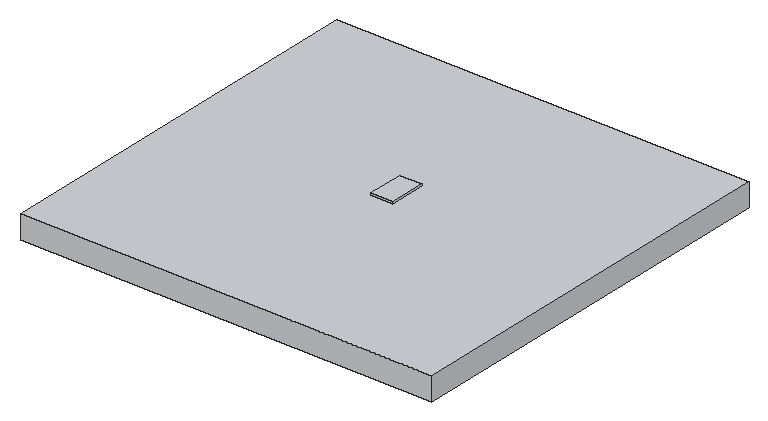
Revit family "16cc23d1e02e4093a1dd52c958690dbf", category Aparatos eléctricos, Revit 2026
Family settings
  Anfitrión = Cara
  Cota de conector redondo = Usar diámetro
  Tipo de pieza = Normal
  ID de elemento Seek = Duplex Receptacle-0000-CAN-ENU
  Corte con vacíos al cargar = No
  Mantener orientación de anotación = Sí
  Compartido = No
  Punto de cálculo de habitación = No
Parameters (values of type "GFCI")
  Voltaje de interruptor = 120 V
  Clasificación de carga = Toma de corriente
  Carga = 180 VA
  Texto de etiqueta = "GFCI"
  Elevación por defecto = 1200 mm
Types (2, lengths in mm): name | Texto de etiqueta | Elevación por defecto
  GFCI | "GFCI" | 1200
  Estándar | "" | 460
Reference planes
  plane 1 "Centro (Frontal/Posterior)": y = 0
  plane 2: z = 0
  plane 3 "Centro (Izquierda/Derecha)": x = 0
  plane 4: x = -34.925
  plane 5: x = 34.925
  plane 6: x = -19.05
  plane 7: x = 19.05
  plane 8: y = 57.15
  plane 9: y = -57.15
  plane 10: y = 38.1
  plane 11: y = -38.1
  plane 12 "nivel superior": z = 4.762
  plane 13 "nivel inferior": z = -53.975
Forms (mm)
  Extrusion 1, solid
    sketch origin (0, 0, 0) x (1, 0, 0) y (0, 1, 0)
      loop
        line (-644.525, 571.5) -> (-644.525, -666.75) -> (644.525, -666.75) -> (644.525, 571.5) -> (-644.525, 571.5)
    from 0 to -72.672
  Extrusion 2, solid
    sketch origin (0, 0, 0) x (1, 0, 0) y (0, 1, 0)
      loop
        line (-34.925, 57.15) -> (-34.925, -57.15) -> (34.925, -57.15) -> (34.925, 57.15) -> (-34.925, 57.15)
    from 0 to 4.762
  Extrusion 3, solid
    sketch origin (0, 0, 0) x (1, 0, 0) y (0, 1, 0)
      loop
        line (-19.05, 38.1) -> (-19.05, -38.1) -> (19.05, -38.1) -> (19.05, 38.1) -> (-19.05, 38.1)
    from 0 to -53.975
Lines and regions (mm)
  symbolic lines, detail levels fine
    curve 1: line (34.925, 0, 4.762) -> (-34.925, 0, 4.762)
    curve 2: line (34.925, 0, 0) -> (34.925, 0, 4.762)
    curve 3: line (-34.925, 0, 0) -> (34.925, 0, 0)
    curve 4: line (-34.925, 0, 4.762) -> (-34.925, 0, 0)
    curve 5: line (19.05, 0, -53.975) -> (-19.05, 0, -53.975)
    curve 6: line (19.05, 0, 0) -> (19.05, 0, -53.975)
    curve 7: line (-19.05, 0, -53.975) -> (-19.05, 0, 0)
Dimensions and locks
  equal spacing: plane 6, plane 3 "Centro (Izquierda/Derecha)", plane 7, locked at 19.05 each
  locked: plane 6 to plane 7 at 38.1
  equal spacing: plane 4, plane 3 "Centro (Izquierda/Derecha)", plane 5, locked at 34.925 each
  locked: plane 4 to plane 5 at 69.85
  locked: plane 8 to plane 9 at 114.3
  locked: plane 12 "nivel superior" to level at 4.763
  locked: level to plane 13 "nivel inferior" at 53.975
  locked: plane 10 to plane 11 at 76.2
  equal spacing: plane 10, plane 1 "Centro (Frontal/Posterior)", plane 11, locked at 38.1 each
  equal spacing: plane 8, plane 1 "Centro (Frontal/Posterior)", plane 9, locked at 57.15 each
  aligned and locked: plane 2 to Extrusion 1
  aligned and locked: level to Extrusion 1
  aligned and locked: plane 8 to Extrusion 2
  aligned and locked: Extrusion 2 to plane 9
  aligned and locked: plane 5 to Extrusion 2
  aligned and locked: Extrusion 2 to plane 4
  aligned and locked: Extrusion 2 to level
  aligned and locked: plane 12 "nivel superior" to Extrusion 2
  aligned and locked: plane 10 to Extrusion 3
  aligned and locked: Extrusion 3 to plane 6
  aligned and locked: plane 7 to Extrusion 3
  aligned and locked: Extrusion 3 to plane 11
  aligned and locked: Extrusion 3 to level
  aligned and locked: Extrusion 3 to plane 13 "nivel inferior"
  aligned and locked: plane 1 "Centro (Frontal/Posterior)" to nested 1
  aligned and locked: plane 3 "Centro (Izquierda/Derecha)" to nested 1
  aligned and locked: plane 2 to curve 3
  aligned and locked: curve 1 to plane 12 "nivel superior"
  aligned and locked: curve 4 to plane 4
  aligned and locked: plane 5 to curve 2
  aligned and locked: curve 7 to plane 6
  aligned and locked: plane 7 to curve 6
  aligned and locked: plane 13 "nivel inferior" to curve 5
Automatic sketch dimensions
  Extrusion 2 sketch curve to plane 4 = 0 mm
  Extrusion 2 sketch curve to plane 5 = 0 mm
  Extrusion 2 sketch curve to plane 9 = 0 mm
  Extrusion 2 sketch curve to plane 8 = 0 mm
  Extrusion 3 sketch curve to plane 6 = 0 mm
  Extrusion 3 sketch curve to plane 7 = 0 mm
  Extrusion 3 sketch curve to plane 11 = 0 mm
  Extrusion 3 sketch curve to plane 10 = 0 mm
  Extrusion 1 sketch curve to Extrusion 1 sketch curve = 1289.05 mm
  Extrusion 1 sketch curve to Extrusion 1 sketch curve = 1238.25 mm
Nested families
  nested 1: "M_Anotación de toma doble" at (0, 0, 0), Texto de etiqueta <- "Texto de etiqueta", type "M_Anotación de toma doble", detail levels coarse+medium
    with Texto de etiqueta "GFCI"
Connectors
  electrical at (0, 38.1, -26.988), driven by "Voltaje de interruptor", driven by "Carga", driven by "Clasificación de carga"
    settings: on Extrusion 3, index 1, voltage 120 V, apparent load 0 VA, apparent load phase1 180 VA, apparent load phase2 0 VA, apparent load phase3 0 VA, power factor 1, load classification "Toma de corriente", number of poles 1, system type 31, power factor state 1, is connector primary yes, connector utility no, sub classification motor no, connector description ""
Definition of nested family "M_Anotación de toma doble"
  Parameters
    Texto de etiqueta [instance] = ""
  Reference planes
    plane 1: y = 0
    plane 2: x = 0
  Lines and regions (mm)
    detail lines
      curve 1: line (-0.446, 0, 0) -> (-0.446, 4.366, 0)
      curve 2: circle (0, 3.05, 0) r 1.389 normal (0, 0, 1)
      curve 3: line (0.446, 0, 0) -> (0.446, 4.366, 0)
  Text (mm)
    label "A" at (0.799, 0.386, 0), shows "Texto de etiqueta"
  Dimensions and locks
    equal spacing: curve 1, plane 2, curve 3
    locked: plane 2 to curve 3 at 0.446
    curve 1 to curve 3 = 0.893 mm
    aligned and locked: plane 2 to curve 2
